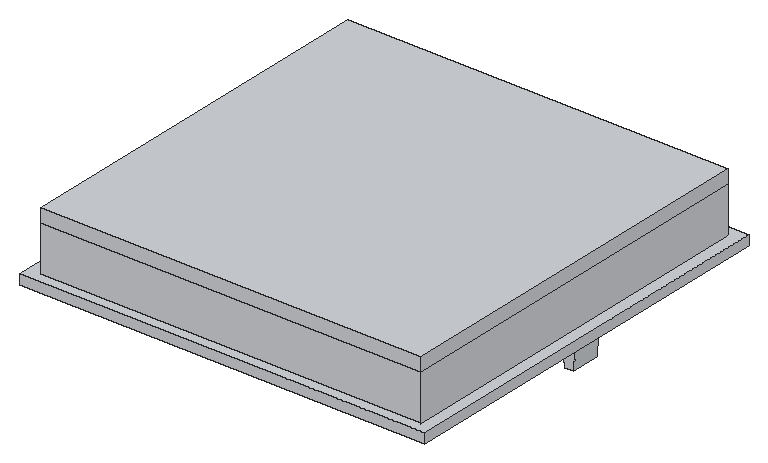
Revit family "Gira_029466", category Electrical Fixtures, host Face, Revit 2017
Family settings
  Host = Face
  Maintain Annotation Orientation = No
  Round Connector Dimension = Use Diameter
  Part Type = Normal
  Cut with Voids When Loaded = No
  Shared = No
  Room Calculation Point = No
Parameters (values of type "Rocker 2-g arrow sym. Gira TX_44 (WP FM) p.white")
  With exchangeable lens/symbol = "No"
  URL = "http://katalog.gira.de/en/datenblatt.html?artikelnr=029466"
  Suitable for touch sensor connector for bus system = "No"
  Scannable symbol / barrier free = "No"
  Name = "Rocker 2-g arrow sym. Gira TX_44 (WP FM) p.white"
  Monitoring window/light outlet = "No"
  Model = "Two-part rocker"
  Manufacturer URL = "https://www.gira.de/"
  Manufacturer = "Gira"
  Keynote = ""
  HeinzeBIM = "https://bimportal.heinze.de/bim/rocker-2-g-arrow-sym-gira-tx-44-wp-fm-p-white/8c2bdd90c2316949195af11b7abdc88d114244b1"
  HAN = "029466"
  GTIN = "4010337294665"
  Description = "Rock.2g arrow sym. TX_44 PW,Rocker, 2-gang with arrow symbol,,pure white,"
  Default Elevation = 1219.2 mm
  Data sheet (1) = "https://katalog.gira.de/en/download.html?artikelnr=029466"
  Category = "Control element/cover plate for domestic switching devices"
  BIM (1) = "https://media.stage.bim.site/public/gira/36a6b08/TX44_Abdeckung_Schalten und Tasten.rfa?public/gira/36a6b08/TX44_Abdeckung_Schalten und Tasten.rfa"
  Available = "No"
Reference planes
  plane 1 "Center (Front/Back)": y = 0
  plane 2: z = 0
  plane 3 "Center (Left/Right)": x = 0
Forms (mm)
  Extrusion 1, solid, detail levels fine
    sketch origin (0, 0, 0) x (1, 0, 0) y (0, 1, 0)
      loop
        line (34.85, 34.85) -> (-34.85, 34.85) -> (-34.85, -34.85) -> (34.85, -34.85) -> (34.85, 34.85)
      loop
        line (-31.45, 31.8) -> (-31.45, -31.8) -> (31.45, -31.8) -> (31.45, 31.8) -> (-31.45, 31.8)
    from 0 to 1.7
  Extrusion 2, solid, detail levels fine
    sketch origin (0, 0, 0) x (1, 0, 0) y (0, 1, 0)
      loop
        line (32.8, 33.05) -> (-32.8, 33.05) -> (-32.8, -33.05) -> (32.8, -33.05) -> (32.8, 33.05)
      loop
        line (-31.45, 31.8) -> (-31.45, -31.8) -> (31.45, -31.8) -> (31.45, 31.8) -> (-31.45, 31.8)
    from 1.566 to 9.515
  Extrusion 3, solid, detail levels fine
    sketch origin (0, 0, 0) x (1, 0, 0) y (0, 1, 0)
      loop
        line (32.8, 33.05) -> (-32.8, 33.05) -> (-32.8, -33.05) -> (32.8, -33.05) -> (32.8, 33.05)
    from 9.515 to 11.816
  Extrusion 4, solid, detail levels fine
    sketch origin (0, 0, 0) x (1, 0, 0) y (0, 0, 1)
      loop
        line (-32.815, 0) -> (-34.827, 0) -> (-34.611, -3.084) -> (-33.031, -3.084) -> (-32.815, 0)
      loop
        line (32.815, 0) -> (33.031, -3.084) -> (34.611, -3.084) -> (34.827, 0) -> (32.815, 0)
    from -2.513 to 2.5
  Extrusion 5, solid, detail levels fine
    sketch origin (0, 0, 0) x (1, 0, 0) y (0, 1, 0)
      loop
        spline (-23.686, 23.152) -> (-23.856, 23.114) -> (-24.022, 23.062) -> (-24.184, 22.995) -> (-24.338, 22.915) -> (-24.486, 22.821) -> (-24.624, 22.715) -> (-24.753, 22.597) -> (-24.87, 22.468) -> (-24.977, 22.33) -> (-25.07, 22.183) -> (-25.151, 22.028) -> (-25.218, 21.867)
        line (-25.218, 21.867) -> (-29.35, 10.513) -> (-29.35, -10.487) -> (-25.218, -21.841)
        spline (-25.218, -21.841) -> (-25.151, -22.002) -> (-25.07, -22.156) -> (-24.977, -22.304) -> (-24.87, -22.442) -> (-24.753, -22.571) -> (-24.624, -22.688) -> (-24.486, -22.795) -> (-24.338, -22.888) -> (-24.184, -22.969) -> (-24.022, -23.036) -> (-23.856, -23.088) -> (-23.686, -23.126)
        line (-23.686, -23.126) -> (0, -27.302) -> (23.686, -23.126)
        spline (23.686, -23.126) -> (23.856, -23.088) -> (24.022, -23.036) -> (24.184, -22.969) -> (24.338, -22.888) -> (24.486, -22.795) -> (24.624, -22.688) -> (24.753, -22.571) -> (24.87, -22.442) -> (24.977, -22.304) -> (25.07, -22.156) -> (25.151, -22.002) -> (25.218, -21.841)
        line (25.218, -21.841) -> (29.35, -10.487) -> (29.35, 10.513) -> (25.218, 21.867)
        spline (25.218, 21.867) -> (25.151, 22.028) -> (25.07, 22.183) -> (24.977, 22.33) -> (24.87, 22.468) -> (24.753, 22.597) -> (24.624, 22.715) -> (24.486, 22.821) -> (24.338, 22.915) -> (24.184, 22.995) -> (24.022, 23.062) -> (23.856, 23.114) -> (23.686, 23.152)
        line (23.686, 23.152) -> (0, 27.328) -> (-23.686, 23.152)
      loop
        line (-24.278, 21.525) -> (-28.35, 10.337) -> (-28.35, -10.311) -> (-24.278, -21.498)
        spline (-24.278, -21.498) -> (-24.245, -21.579) -> (-24.204, -21.656) -> (-24.157, -21.73) -> (-24.104, -21.799) -> (-24.045, -21.863) -> (-23.981, -21.922) -> (-23.912, -21.976) -> (-23.838, -22.022) -> (-23.761, -22.063) -> (-23.68, -22.096) -> (-23.597, -22.122) -> (-23.512, -22.141)
        line (-23.512, -22.141) -> (0, -26.287) -> (23.512, -22.141)
        spline (23.512, -22.141) -> (23.597, -22.122) -> (23.68, -22.096) -> (23.761, -22.063) -> (23.838, -22.022) -> (23.912, -21.976) -> (23.981, -21.922) -> (24.045, -21.863) -> (24.104, -21.799) -> (24.157, -21.73) -> (24.204, -21.656) -> (24.245, -21.579) -> (24.278, -21.498)
        line (24.278, -21.498) -> (28.35, -10.311) -> (28.35, 10.337) -> (24.278, 21.525)
        spline (24.278, 21.525) -> (24.245, 21.605) -> (24.204, 21.683) -> (24.157, 21.756) -> (24.104, 21.825) -> (24.045, 21.89) -> (23.981, 21.949) -> (23.912, 22.002) -> (23.838, 22.048) -> (23.761, 22.089) -> (23.68, 22.122) -> (23.597, 22.148) -> (23.512, 22.167)
        line (23.512, 22.167) -> (0, 26.313) -> (-23.512, 22.167)
        spline (-23.512, 22.167) -> (-23.597, 22.148) -> (-23.68, 22.122) -> (-23.761, 22.089) -> (-23.838, 22.048) -> (-23.912, 22.002) -> (-23.981, 21.949) -> (-24.045, 21.89) -> (-24.104, 21.825) -> (-24.157, 21.756) -> (-24.204, 21.683) -> (-24.245, 21.605) -> (-24.278, 21.525)
    from 4.866 to 9.515
  Extrusion 6, solid, detail levels fine
    sketch origin (0, 0, 0) x (1, 0, 0) y (0, 1, 0)
      loop
        arc (0, 8.51) -> (-1.055, 8.223) -> (-1.717, 7.352) r 1.7
        line (-1.717, 7.352) -> (-2.205, 5.894) -> (-2.205, 4.213) -> (-4.36, 4.213)
        arc (-4.36, 4.213) -> (-4.865, 4.091) -> (-5.257, 3.75) r 1.1
        arc (-5.257, 3.75) -> (-6.02, 2.328) -> (-6.406, 0.761) r 6.45
        arc (-6.406, 0.761) -> (-6.7, 0.013) -> (-6.406, -0.735) r 1.1
        arc (-6.406, -0.735) -> (-6.02, -2.302) -> (-5.257, -3.724) r 6.45
        arc (-5.257, -3.724) -> (-4.865, -4.064) -> (-4.36, -4.187) r 1.1
        line (-4.36, -4.187) -> (-2.1, -4.187) -> (-2.1, -5.243)
        arc (-2.1, -5.243) -> (-1.847, -5.944) -> (-1.206, -6.323) r 1.1
        arc (-1.206, -6.323) -> (0, -6.437) -> (1.206, -6.323) r 6.45
        arc (1.206, -6.323) -> (1.847, -5.944) -> (2.1, -5.243) r 1.1
        line (2.1, -5.243) -> (2.1, -4.187) -> (4.36, -4.187)
        arc (4.36, -4.187) -> (4.865, -4.064) -> (5.257, -3.724) r 1.1
        arc (5.257, -3.724) -> (6.02, -2.302) -> (6.406, -0.735) r 6.45
        arc (6.406, -0.735) -> (6.7, 0.013) -> (6.406, 0.761) r 1.1
        arc (6.406, 0.761) -> (6.02, 2.328) -> (5.257, 3.75) r 6.45
        arc (5.257, 3.75) -> (4.865, 4.091) -> (4.36, 4.213) r 1.1
        line (4.36, 4.213) -> (2.205, 4.213) -> (2.205, 5.894) -> (1.717, 7.352)
        arc (1.717, 7.352) -> (1.055, 8.223) -> (0, 8.51) r 1.7
    from -6.834 to 9.515
  Extrusion 7, solid, detail levels coarse
    sketch origin (0, 0, 0) x (1, 0, 0) y (0, 1, 0)
      loop
        line (34.85, 34.85) -> (-34.85, 34.85) -> (-34.85, -34.85) -> (34.85, -34.85) -> (34.85, 34.85)
    from -6.834 to 11.816
  Extrusion 8, solid, detail levels medium
    sketch origin (0, 0, 0) x (1, 0, 0) y (0, 1, 0)
      loop
        line (32.8, 33.05) -> (-32.8, 33.05) -> (-32.8, -33.05) -> (32.8, -33.05) -> (32.8, 33.05)
    from 1.566 to 11.816
  Extrusion 9, solid, detail levels medium
    sketch origin (0, 0, 0) x (1, 0, 0) y (0, 1, 0)
      loop
        line (34.85, 34.85) -> (-34.85, 34.85) -> (-34.85, -34.85) -> (34.85, -34.85) -> (34.85, 34.85)
    from 0 to 1.7
  Extrusion 10, solid, detail levels medium
    sketch origin (0, 0, 0) x (1, 0, 0) y (0, 1, 0)
      loop
        circle (0, 1.036) r 7.473
    from -6.834 to 9.515
  Extrusion 11, solid, detail levels medium
    sketch origin (0, 0, 0) x (1, 0, 0) y (0, 0, 1)
      loop
        line (-32.815, -3.084) -> (-32.815, 0) -> (-34.827, 0) -> (-34.827, -3.084) -> (-32.815, -3.084)
      loop
        line (32.815, -3.084) -> (34.827, -3.084) -> (34.827, 0) -> (32.815, 0) -> (32.815, -3.084)
    from -2.513 to 2.5
Dimensions and locks
  aligned and locked: plane 2 to host face
  aligned and locked: level to host face
